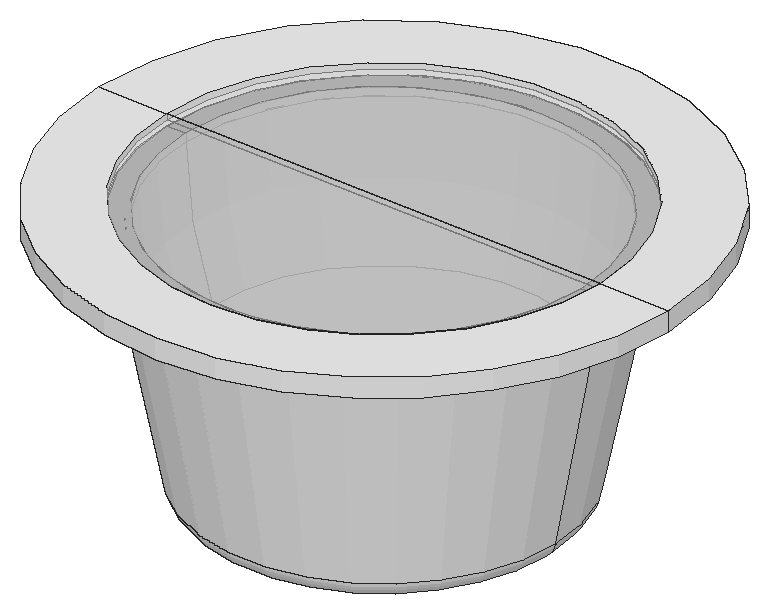
Revit family "2060552+2028034 Sylvania Lighting Fixture ASCENT 100 II ARCH 1900 3K DALI 160 with IP44 Clear Glass", category Lighting Fixtures, host Face, Revit 2016
Family settings
  Host = Face
  Part Type = Normal
  Round Connector Dimension = Use Diameter
  OmniClass Number = 23.80.70.11.17
  OmniClass Title = Specialized Lighting by Location or Use
  Cut with Voids When Loaded = No
  Light Source = Yes
  Shared = No
  Room Calculation Point = No
Parameters (values of type "2060552+2028034 ASCT100 II ARCH 1900 3K DALI 160 with IP44 Clear Glass")
  WidthBezelAcc_SYL = 25.0 mm
  Weight = "1.2 kg"
  Wattage = 17 W
  WarrantyStartDate [instance] = "n/a"
  WarrantyGuarantorParts = "n/a"
  WarrantyDurationUnit = "n/a"
  WarrantyDurationParts = "n/a"
  WarrantyDescription = "n/a"
  built-in parameter 1150110 = 1 (stored number, unit not read)
  Voltage = 0 V
  VisibilityAccessory_SYL = yes
  TypeName = "ASCENT 100 II ARCH 1900 3K DALI 160"
  built-in parameter 1114217 = 1 (stored number, unit not read)
  Tilt Angle = -90°
  built-in parameter 1150109 = 1 (stored number, unit not read)
  built-in parameter 1150134 = (empty or 0)
  built-in parameter 1150113 = 1 (stored number, unit not read)
  SerialNumber [instance] = "n/a"
  ReflectorRadius_SYL = Radius_SYL - 14.5 mm  # 80.0 mm
  RadiusAcc_SYL = 105.0 mm
  Radius_SYL = 94.5 mm
  URL = "http://www.sylvania-lighting.com"
  PowerFactor = 0
  PowerConsumption = "17 W"
  Photometric Web File = "2060552.ies"
  NominalWidth = 0.0 mm
  NominalLength = 0.0 mm
  NominalHeight = 94.0 mm
  Name = "ASCENT 100 II ARCH 1900 3K DALI 160"
  ModelReference = "ASCENT 100 II ARCH 1900 3K DALI 160"
  ModelNumber = "2060552+2028034"
  Material_4_SYL = none
  Material_3_SYL = Polycarbonate_Sylvania_Ascent_Clear
  Material_2_SYL = Aluminium_Sylvania_Ascent_Silver
  Material_1_SYL = Aluminum_Sylvania_Ascent_White
  Material = "aluminium housing, arcylic diffuser"
  ManufacturerName = "Feilo Sylvania"
  LuminousEfficacy = "109 lm/W"
  built-in parameter 1150105 = 147.46 (stored number, unit not read)
  Lumens = 1853 lm
  LuminaireType = ""
  built-in parameter 1150115 = 1 (stored number, unit not read)
  LightOutputRatio = "100"
  built-in parameter 1150137 = (empty or 0)
  built-in parameter 1150139 = (empty or 0)
  LampsType = Lamp  # "LED"
  LampNominalLuminous = "1847 lm"
  LampMacAdamStep = "3"
  LampColourTemperature = "3000 K"
  LampColourRenderingIndex = "80"
  built-in parameter 1150112 = 1 (stored number, unit not read)
  built-in parameter 1150114 = 1 (stored number, unit not read)
  Keynote = "16500"
  InstallationDate [instance] = "n/a"
  InputVoltage = "n/a"
  InputNominalFrequency = "n/a"
  built-in parameter 1150132 = (empty or 0)
  built-in parameter 1150102 = (empty or 0)
  built-in parameter 1150107 = 3000 (stored number, unit not read)
  built-in parameter 1150138 = (empty or 0)
  IngressProtection = "IP44"
  ImpactProtectionIndex = "IK02"
  built-in parameter 1150106 = 1.4746 (stored number, unit not read)
  IfcExportType = "IfcLightFixtureType"
  IfcExportAs = "IfcLightFixtureType"
  Height_SYL = 94.0 mm
  HeightAcc_SYL = 7.0 mm
  ExpectedLife = 50000
  EmittionSurface_SYL = if(VisibilityAccessory_SYL, 7.0 mm, 3.0 mm)  # 7.0 mm
  Emit from Circle Diameter = DiffuserRadius_SYL * 2  # 146.0 mm
  Emit Shape Visible in Rendering = no
  ElectricShockClassification = "Class II"
  built-in parameter 1150104 = 10.126 (stored number, unit not read)
  DurationUnit = "hours"
  DocumentationLiterature = "http://www.sylvania-lighting.com/product/en-int/products/2060552"
  DimmingControlOptions = "n/a"
  Dimming Lamp Color Temperature Shift = <None>
  DiffuserRadius_SYL = ReflectorRadius_SYL - 7.0 mm  # 73.0 mm
  Diameter_SYL = 2 * Radius_SYL  # 189.0 mm
  CutoutDiameter_SYL = Diameter_SYL - 13.0 mm  # 176.0 mm
  CreatedOn = "9/17/2018"
  CreatedBy = "@sylvania-lighting.com"
  Color Filter = 16777215
  built-in parameter 1114216 [instance] = 1 (stored number, unit not read)
  Model = "ASCENT 100 II ARCH 1900 3K DALI 160"
  Manufacturer = "Feilo Sylvania"
  Lamp = "LED"
  Description = "Direct LED retro fit for original LED 100 Arch (160) single CFL lamp offering Matching lumen levels and improved light distribution of original LED 100 CFL lamp equivalents Typically half the power consumption compared to CFL Up to 112lm/W 160mm aperture Architectural reflector accepts range of glass accessories from existing LED 100 Arch 160 offering HE, HO and VHO versions equivalent of single 1 x 18W, 1 x 32W, 1 x 42W\r\n Additional VVHO versions which offer the performance circa 2 x 32W equivalent"  # constant formula
  Default Elevation = 0.0 mm
  built-in parameter 1140040 [instance] = 1
  BarCode [instance] = "n/a"
  built-in parameter 1114218 = 1 (stored number, unit not read)
  built-in parameter 1150133 = 10 (stored number, unit not read)
  AssetType = "Fixed"
  AssetIdentifier [instance] = "n/a"
  Assembly Code = "D5020200"
  Apparent Load = 17 VA
  Aperture_SYL = 2 * ReflectorRadius_SYL  # 160.0 mm
Reference planes
  plane 1 "Center (Front/Back)": y = 0
  plane 2: z = 0
  plane 3 "Center (Left/Right)": x = 0
  plane 4 "Fixture Bottom": z = 3
  plane 5: z = -52.5
  plane 6 "Fixture Top": z = -91
  plane 7: x = -105
  plane 8: z = 7
  plane 9: x = -80
  plane 10: z = 5
  plane 11: x = -103
Forms (mm)
  Extrusion 1, solid, material "Aluminum_Sylvania_Ascent_White", detail levels fine
    sketch origin (0, 0, 0) x (1, 0, 0) y (0, 1, 0)
      loop
        circle (0, 0) r 94.5
      loop
        circle (0, 0) r 80
    from 0 to 3
  Extrusion 2, void
    sketch origin (0, 0, 0) x (1, 0, 0) y (0, 1, 0)
      loop
        circle (0, 0) r 88
    from -91 to 3
  Revolve 3, solid, material "Aluminum_Sylvania_Ascent_White" <- "Material_1_SYL", detail levels fine
    sketch origin (0, 0, 0) x (1, 0, 0) y (0, 0, 1)
      loop
        line (0, -91.073) -> (0, -89.023) -> (-55.468, -89.014)
        arc (-55.468, -89.014) -> (-59.352, -87.613) -> (-61.54, -84.139) r 6.307
        line (-61.54, -84.139) -> (-77.991, -2.844) -> (-77.991, 0) -> (-80, 0) -> (-80, -3) -> (-63.5, -84.536)
        arc (-63.5, -84.536) -> (-60.643, -89.203) -> (-55.5, -91.073) r 8.291
        line (-55.5, -91.073) -> (0, -91.073)
      axis (0, 0) -> (0, -91.073)
    angle from 0 to 360
  Revolve 4, solid, material "Aluminium_Sylvania_Ascent_Silver" <- "Material_2_SYL", detail levels fine
    sketch origin (0, 0, 0) x (1, 0, 0) y (0, 0, 1)
      loop
        line (-80, 3) -> (-80, 0) -> (-75, 0)
        arc (-75, 0) -> (-72.349, -26.77) -> (-64.5, -52.5) r 136.5
        line (-64.5, -52.5) -> (-58, -52.5)
        arc (-58, -52.5) -> (-56.857, -61.521) -> (-53.5, -69.971) r 36.166
        line (-53.5, -69.971) -> (0, -69.971) -> (0, -50.5) -> (-63.16, -50.5)
        arc (-63.16, -50.5) -> (-70.517, -25.725) -> (-73, 0) r 134.5
        line (-73, 0) -> (-73, 3) -> (-80, 3)
      axis (0, 3) -> (0, -69.971)
    angle from 0 to 360
  Extrusion 5, solid, material "Polycarbonate_Sylvania_Ascent_Clear" <- "Material_3_SYL", detail levels fine
    sketch origin (0, 0, 0) x (1, 0, 0) y (0, 1, 0)
      loop
        circle (0, 0) r 73
    from 0 to 3
  Revolve 6, solid, material "Aluminum_Sylvania_Ascent_White" <- "Material_1_SYL", detail levels coarse+medium
    sketch origin (0, 0, 0) x (1, 0, 0) y (0, 0, 1)
      loop
        line (0, -91.073) -> (0, 3) -> (-94.5, 3) -> (-94.5, 0) -> (-79.5, 0) -> (-79.5, -3) -> (-63, -84.536)
        arc (-63, -84.536) -> (-60.143, -89.203) -> (-55, -91.073) r 8.291
        line (-55, -91.073) -> (0, -91.073)
      axis (0, 3) -> (0, -91.073)
    angle from 0 to 360
  Revolve 7, solid, material "Aluminum_Sylvania_Ascent_White" <- "Material_1_SYL", visible <- "VisibilityAccessory_SYL"
    sketch origin (0, 0, 0) x (1, 0, 0) y (0, 0, 1)
      loop
        line (-105, 0) -> (-103, 0) -> (-103, 5) -> (-80, 5) -> (-80, 7) -> (-105, 7) -> (-105, 0)
      axis (0, 7) -> (0, 0)
    angle from 0 to 360
  Revolve 8, solid, material "Polycarbonate_Sylvania_Ascent_Clear" <- "Material_3_SYL", visible <- "VisibilityAccessory_SYL"
    sketch origin (0, 0, 0) x (1, 0, 0) y (0, 0, 1)
      loop
        line (-80, 7) -> (-80, 5) -> (0, 5) -> (0, 7) -> (-80, 7)
      axis (0, 7) -> (0, 5)
    angle from 0 to 360
Lines and regions (mm)
  reference lines
    curve 1: line (-150, 0, 7) -> (125, 0, 7)
Dimensions and locks
  locked: plane 4 "Fixture Bottom" to plane 2 at 3
  "Height_SYL": plane 4 "Fixture Bottom" to plane 6 "Fixture Top"
  "ReflectorRadius_SYL": plane 3 "Center (Left/Right)" to Revolve 4 sketch curve
  locked: Revolve 4 sketch curve to Revolve 4 sketch curve at 15.5
  locked: Revolve 4 sketch curve to Revolve 4 sketch curve at 5
  locked: Revolve 4 sketch curve to Revolve 4 sketch curve at 7
  locked: Revolve 4 sketch curve to Revolve 4 sketch curve at 22
  locked: Revolve 4 sketch curve to Revolve 4 sketch curve at 26.5
  locked: Revolve 3 sketch curve to Revolve 3 sketch curve at 16.5
  locked: Revolve 3 sketch curve to Revolve 3 sketch curve at 24.5
  "ReflectorRadius_SYL": Revolve 3 sketch curve to plane 3 "Center (Left/Right)"
  locked: Revolve 3 sketch curve to plane 6 "Fixture Top" at 6.464
  locked: plane 2 to Revolve 3 sketch curve at 3
  locked: Revolve 3 sketch curve to Revolve 3 sketch curve at 2
  locked: Revolve 3 sketch curve to Revolve 3 sketch curve at 2.009
  locked: plane 2 to plane 5 at 52.5
  locked: Revolve 6 sketch curve to Revolve 6 sketch curve at 31.5
  locked: Revolve 6 sketch curve to Revolve 6 sketch curve at 39.5
  locked: Revolve 6 sketch curve to Revolve 6 sketch curve at 15
  "Radius_SYL": plane 3 "Center (Left/Right)" to Revolve 6 sketch curve
  "RadiusAcc_SYL": plane 3 "Center (Left/Right)" to plane 7
  "HeightAcc_SYL": plane 8 to level
  "WidthBezelAcc_SYL": plane 7 to plane 9
  locked: plane 7 to plane 11 at 2
  locked: plane 8 to plane 10 at 2
  "EmittionSurface_SYL": curve 1 to level
  "CutoutDiameter_SYL": diameter of Extrusion 2 sketch curve
  "ReflectorRadius_SYL": radius of Extrusion 1 sketch curve
  "DiffuserRadius_SYL": radius of Extrusion 5 sketch curve
  "Radius_SYL": radius of Extrusion 1 sketch curve
  aligned and locked: host face to plane 2
  aligned and locked: host face to level
  aligned and locked: plane 4 "Fixture Bottom" to Extrusion 1
  aligned and locked: Extrusion 1 to plane 2
  aligned and locked: Revolve 3 sketch curve to plane 3 "Center (Left/Right)"
  aligned and locked: Revolve 4 sketch curve to plane 3 "Center (Left/Right)"  (x2)
  aligned and locked: plane 4 "Fixture Bottom" to Revolve 4 sketch curve
  aligned and locked: Extrusion 5 to plane 2
  aligned and locked: plane 2 to Revolve 3 sketch curve  (x2)
  aligned and locked: Revolve 6 sketch curve to plane 3 "Center (Left/Right)"
  aligned and locked: plane 6 "Fixture Top" to Extrusion 2
  aligned and locked: Revolve 7 sketch curve to plane 3 "Center (Left/Right)"
  aligned and locked: host face to Revolve 7 sketch curve  (x2)
  aligned and locked: Revolve 7 sketch curve to plane 7
  aligned and locked: plane 8 to Revolve 7 sketch curve
  aligned and locked: plane 9 to Revolve 7 sketch curve
  aligned and locked: Revolve 7 sketch curve to plane 10
  aligned and locked: plane 11 to Revolve 7 sketch curve
  aligned and locked: Revolve 7 to Revolve 8 sketch curve
  aligned and locked: Revolve 8 sketch curve to Revolve 7  (x2)
  aligned and locked: Revolve 8 sketch curve to plane 3 "Center (Left/Right)"  (x2)
  aligned and locked: plane 3 "Center (Left/Right)" to imposter light
  aligned and locked: imposter light to plane 1 "Center (Front/Back)"
  aligned and locked: imposter light to curve 1
Automatic sketch dimensions
  plane 1 "Center (Front/Back)" to Extrusion 2 sketch curve = 0.0 mm
  Extrusion 2 sketch curve to plane 3 "Center (Left/Right)" = 0.0 mm
  Extrusion 1 sketch curve to Extrusion 1 sketch curve = 0.0 mm  (x2)
  plane 1 "Center (Front/Back)" to Extrusion 1 sketch curve = 0.0 mm
  Extrusion 1 sketch curve to plane 3 "Center (Left/Right)" = 0.0 mm
  plane 6 "Fixture Top" to Revolve 3 sketch curve = 0.073 mm
  Revolve 3 sketch curve to plane 6 "Fixture Top" = 6.861 mm
  Revolve 3 sketch curve to Revolve 3 sketch curve = 0.003 mm
  Revolve 3 sketch curve to Revolve 3 sketch curve = 0.009 mm  (x2)
  Revolve 3 sketch curve to Revolve 3 sketch curve = 0.023 mm
  Revolve 3 sketch curve to Revolve 3 sketch curve = 0.072 mm
  Revolve 3 sketch curve to Revolve 3 sketch curve = 0.008 mm
  Revolve 3 sketch curve to plane 6 "Fixture Top" = 1.977 mm
  Revolve 3 sketch curve to Revolve 3 sketch curve = 33.496 mm
  Revolve 3 sketch curve to Revolve 3 sketch curve = 0.028 mm
  plane 4 "Fixture Bottom" to Revolve 3 sketch curve = 82.431 mm
  Revolve 4 sketch curve to Revolve 4 sketch curve = 0.0 mm  (x2)
  Revolve 4 sketch curve to plane 5 = 0.0 mm
  Revolve 4 sketch curve to level = 0.0 mm
  plane 5 to Revolve 4 sketch curve = 2.0 mm
  plane 4 "Fixture Bottom" to Revolve 4 sketch curve = 9.642 mm
  plane 1 "Center (Front/Back)" to Extrusion 5 sketch curve = 0.0 mm
  Extrusion 5 sketch curve to plane 3 "Center (Left/Right)" = 0.0 mm
  Revolve 4 sketch curve to level = 69.971 mm
  Revolve 4 sketch curve to Revolve 4 sketch curve = 2.387 mm
  Revolve 6 sketch curve to level = 0.0 mm
  Revolve 6 sketch curve to plane 3 "Center (Left/Right)" = 0.0 mm
  Revolve 6 sketch curve to Revolve 6 sketch curve = 8.104 mm
  Revolve 6 sketch curve to level = 3.0 mm
  Revolve 6 sketch curve to plane 6 "Fixture Top" = 6.464 mm
  plane 6 "Fixture Top" to Revolve 6 sketch curve = 0.073 mm
  Revolve 6 sketch curve to Revolve 6 sketch curve = 33.496 mm
  plane 4 "Fixture Bottom" to Revolve 6 sketch curve = 82.431 mm
  host sketch curve to host sketch curve = 1704.996 mm
  host sketch curve to host sketch curve = 1500.0 mm
  plane 6 "Fixture Top" to Revolve 7 sketch curve = 281.274 mm
  Revolve 7 sketch curve to plane 8 = 1140.706 mm
  plane 6 "Fixture Top" to Revolve 8 sketch curve = 281.274 mm
  Revolve 8 sketch curve to Revolve 8 sketch curve = 1140.706 mm
  Revolve 3 sketch curve to plane 3 "Center (Left/Right)" = 0.0 mm
  Revolve 6 sketch curve to plane 4 "Fixture Bottom" = 0.0 mm
  plane 7 to curve 1 = 45.0 mm
  plane 3 "Center (Left/Right)" to curve 1 = 125.0 mm
Connectors
  electrical at (0, 0, -91.073), driven by "Apparent Load"
    settings: on Revolve 3, index 1, voltage 240 V, apparent load 0 VA, apparent load phase1 17 VA, apparent load phase2 0 VA, apparent load phase3 0 VA, power factor 1, load classification "Lighting", number of poles 1, system type 31, power factor state 1, is connector primary yes, connector utility no, sub classification motor no, connector description ""
